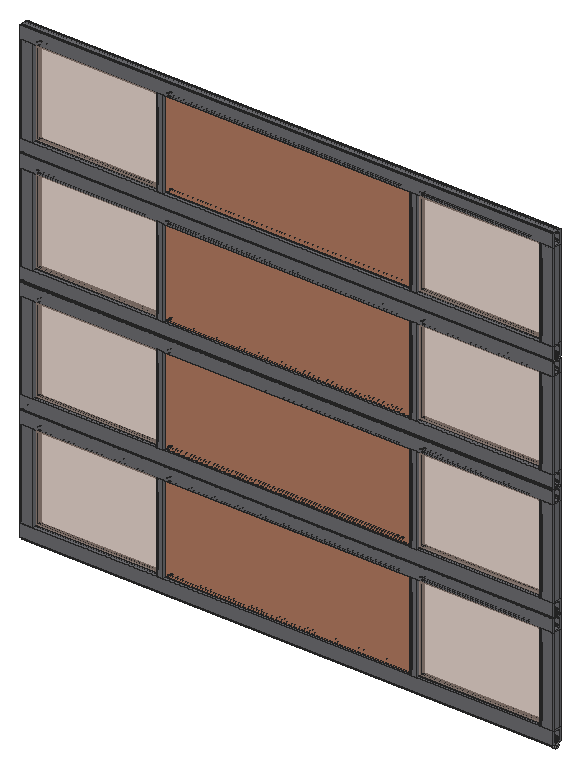
Revit family "GASY 12PUE T3C", category Doors, host Wall, Revit 2024 (continued)
Forms (mm)
  Sweep 20, solid, material "ALUMINIUM CHAR (TEST)"
    profile origin (899.996, -68.525, 493) x (0, 0, -1) y (0, -1, 0)
      loop
        arc (1.1, 57.492) -> (0.953, 57.846) -> (0.6, 57.992) r 0.5
        line (0.6, 57.992) -> (-1.9, 57.992)
        arc (-1.9, 57.992) -> (-2.295, 57.799) -> (-2.384, 57.368) r 0.5
        arc (-2.384, 57.368) -> (-2.167, 56.551) -> (-1.4, 56.192) r 1
        line (-1.4, 56.192) -> (-0.833, 56.892) -> (0, 56.892) -> (0, 54.893)
        arc (0, 54.893) -> (0.333, 54.559) -> (0.788, 54.681) r 0.471
        line (0.788, 54.681) -> (14.998, 68.891)
  Sweep 21, solid, material "ALUMINIUM CHAR (TEST)"
    path origin (-866.885, -68.525, 132.939) x (-1, 0, 0) y (0, 0, -1)
      loop
        line (323.108, -360.061) -> (323.108, 53.031) -> (-256.885, 53.031) -> (-256.885, -360.061) -> (323.108, -360.061)
    profile origin (-899.996, -68.525, 493) x (0, 0, 1) y (0, -1, 0)
      loop
        line (-14.998, 68.891) -> (-0.788, 54.681)
        arc (-0.788, 54.681) -> (-0.333, 54.559) -> (0, 54.893) r 0.471
        line (0, 54.893) -> (0, 56.892) -> (0.833, 56.892) -> (1.4, 56.192)
        arc (1.4, 56.192) -> (2.167, 56.551) -> (2.384, 57.368) r 1
        arc (2.384, 57.368) -> (2.295, 57.799) -> (1.9, 57.992) r 0.5
        line (1.9, 57.992) -> (-0.6, 57.992)
        arc (-0.6, 57.992) -> (-0.953, 57.846) -> (-1.1, 57.492) r 0.5
        line (-1.1, 57.492) -> (-1.1, 56.548) -> (-9.421, 64.869) -> (-6.899, 67.391) -> (-6.899, 68.791) -> (1.6, 68.791)
        arc (1.6, 68.791) -> (2.165, 69.025) -> (2.4, 69.591) r 0.8
        line (2.4, 69.591) -> (2.4, 72.391)
        arc (2.4, 72.391) -> (1.9, 72.891) -> (1.4, 72.391) r 0.5
        line (1.4, 72.391) -> (1.4, 69.891) -> (-8.299, 69.891)
        arc (-8.299, 69.891) -> (-8.699, 69.491) -> (-8.299, 69.091) r 0.4
        line (-8.299, 69.091) -> (-7.999, 67.847) -> (-10.199, 65.647) -> (-12.521, 67.969) -> (-11.399, 69.091)
        arc (-11.399, 69.091) -> (-10.902, 69.429) -> (-11.286, 69.891) r 0.406
        line (-11.286, 69.891) -> (-12.154, 69.891) -> (-12.991, 69.054) -> (-13.799, 69.054) -> (-13.799, 69.891) -> (-14.998, 69.891) -> (-14.998, 68.891)
  Sweep 22, solid, material "ALUMINIUM CHAR (TEST)"
    path origin (63.499, -68.525, 132.939) x (1, 0, 0) y (0, 0, 1)
      loop
        line (516.501, 360.061) -> (-643.499, 360.061) -> (-643.499, -52.939) -> (516.501, -52.939) -> (516.501, 360.061)
    profile origin (0, -68.525, 493) x (0, 0, -1) y (0, -1, 0)
      loop
        line (14.998, 68.891) -> (14.998, 69.891) -> (13.799, 69.891) -> (13.799, 69.054) -> (12.991, 69.054) -> (12.154, 69.891) -> (11.286, 69.891)
        arc (11.286, 69.891) -> (10.902, 69.429) -> (11.399, 69.091) r 0.406
        line (11.399, 69.091) -> (12.521, 67.969) -> (10.199, 65.647) -> (7.999, 67.847) -> (8.299, 69.091)
        arc (8.299, 69.091) -> (8.699, 69.491) -> (8.299, 69.891) r 0.4
        line (8.299, 69.891) -> (-1.4, 69.891) -> (-1.4, 72.391)
        arc (-1.4, 72.391) -> (-1.9, 72.891) -> (-2.4, 72.391) r 0.5
        line (-2.4, 72.391) -> (-2.4, 69.591)
        arc (-2.4, 69.591) -> (-2.165, 69.025) -> (-1.6, 68.791) r 0.8
        line (-1.6, 68.791) -> (6.899, 68.791) -> (6.899, 67.391) -> (9.421, 64.869) -> (1.1, 56.548) -> (1.1, 57.492)
        arc (1.1, 57.492) -> (0.953, 57.846) -> (0.6, 57.992) r 0.5
        line (0.6, 57.992) -> (-1.9, 57.992)
        arc (-1.9, 57.992) -> (-2.295, 57.799) -> (-2.384, 57.368) r 0.5
        arc (-2.384, 57.368) -> (-2.167, 56.551) -> (-1.4, 56.192) r 1
        line (-1.4, 56.192) -> (-0.833, 56.892) -> (0, 56.892) -> (0, 54.893)
        arc (0, 54.893) -> (0.333, 54.559) -> (0.788, 54.681) r 0.471
        line (0.788, 54.681) -> (14.998, 68.891)
  Extrusion 23, solid, material "FROSTED BRONZE GLASS"
    sketch origin (467.893, -147.287, 107.454) x (0, 1, 0) y (0, 0, -1)
      loop
        line (8.871, -2002.546) -> (8.871, -1589.546) -> (2.871, -1589.546) -> (2.871, -2002.546) -> (8.871, -2002.546)
    from 1077.893 to 1657.893
  Extrusion 24, solid, material "MARINE PLY (TEST 2)"
    sketch origin (-335.5, -147.287, -431.553) x (0, 1, 0) y (0, 0, -1)
      loop
        line (8.871, -2002.546) -> (8.871, -1935.046) -> (4.871, -1935.046) -> (4.871, -1927.046) -> (8.871, -1927.046) -> (8.871, -1881.046) -> (4.871, -1881.046) -> (4.871, -1873.046) -> (8.871, -1873.046) -> (8.871, -1827.046) -> (4.871, -1827.046) -> (4.871, -1819.046) -> (8.871, -1819.046) -> (8.871, -1773.046) -> (4.871, -1773.046) -> (4.871, -1765.046) -> (8.871, -1765.046) -> (8.871, -1719.046) -> (4.871, -1719.046) -> (4.871, -1711.046) -> (8.871, -1711.046) -> (8.871, -1665.046) -> (4.871, -1665.046) -> (4.871, -1657.046) -> (8.871, -1657.046) -> (8.871, -1589.546) -> (-0.129, -1589.546) -> (-0.129, -2002.546) -> (8.871, -2002.546)
    from -915.5 to 244.5
  Extrusion 25, solid, material "FROSTED BRONZE GLASS"
    sketch origin (-467.893, -147.287, -431.553) x (0, 1, 0) y (0, 0, 1)
      loop
        line (8.871, 2002.546) -> (2.871, 2002.546) -> (2.871, 1589.546) -> (8.871, 1589.546) -> (8.871, 2002.546)
    from 1077.893 to 1657.893
  Extrusion 26, solid, material "FROSTED BRONZE GLASS"
    sketch origin (467.893, -147.287, -431.553) x (0, 1, 0) y (0, 0, -1)
      loop
        line (8.871, -2002.546) -> (8.871, -1589.546) -> (2.871, -1589.546) -> (2.871, -2002.546) -> (8.871, -2002.546)
    from 1077.893 to 1657.893
  Extrusion 27, solid, material "MARINE PLY (TEST 2)"
    sketch origin (-335.5, -147.287, -970.553) x (0, 1, 0) y (0, 0, -1)
      loop
        line (8.871, -2002.546) -> (8.871, -1935.046) -> (4.871, -1935.046) -> (4.871, -1927.046) -> (8.871, -1927.046) -> (8.871, -1881.046) -> (4.871, -1881.046) -> (4.871, -1873.046) -> (8.871, -1873.046) -> (8.871, -1827.046) -> (4.871, -1827.046) -> (4.871, -1819.046) -> (8.871, -1819.046) -> (8.871, -1773.046) -> (4.871, -1773.046) -> (4.871, -1765.046) -> (8.871, -1765.046) -> (8.871, -1719.046) -> (4.871, -1719.046) -> (4.871, -1711.046) -> (8.871, -1711.046) -> (8.871, -1665.046) -> (4.871, -1665.046) -> (4.871, -1657.046) -> (8.871, -1657.046) -> (8.871, -1589.546) -> (-0.129, -1589.546) -> (-0.129, -2002.546) -> (8.871, -2002.546)
    from -915.5 to 244.5
  Extrusion 28, solid, material "FROSTED BRONZE GLASS"
    sketch origin (-467.893, -147.287, -970.553) x (0, 1, 0) y (0, 0, 1)
      loop
        line (8.871, 2002.546) -> (2.871, 2002.546) -> (2.871, 1589.546) -> (8.871, 1589.546) -> (8.871, 2002.546)
    from 1077.893 to 1657.893
  Extrusion 29, solid, material "FROSTED BRONZE GLASS"
    sketch origin (467.893, -147.287, -970.553) x (0, 1, 0) y (0, 0, -1)
      loop
        line (8.871, -2002.546) -> (8.871, -1589.546) -> (2.871, -1589.546) -> (2.871, -2002.546) -> (8.871, -2002.546)
    from 1077.893 to 1657.893
  Extrusion 30, solid, material "MARINE PLY (TEST 2)"
    sketch origin (-335.5, -147.287, -1509.553) x (0, 1, 0) y (0, 0, -1)
      loop
        line (8.871, -2002.546) -> (8.871, -1935.046) -> (4.871, -1935.046) -> (4.871, -1927.046) -> (8.871, -1927.046) -> (8.871, -1881.046) -> (4.871, -1881.046) -> (4.871, -1873.046) -> (8.871, -1873.046) -> (8.871, -1827.046) -> (4.871, -1827.046) -> (4.871, -1819.046) -> (8.871, -1819.046) -> (8.871, -1773.046) -> (4.871, -1773.046) -> (4.871, -1765.046) -> (8.871, -1765.046) -> (8.871, -1719.046) -> (4.871, -1719.046) -> (4.871, -1711.046) -> (8.871, -1711.046) -> (8.871, -1665.046) -> (4.871, -1665.046) -> (4.871, -1657.046) -> (8.871, -1657.046) -> (8.871, -1589.546) -> (-0.129, -1589.546) -> (-0.129, -2002.546) -> (8.871, -2002.546)
    from -915.5 to 244.5
  Extrusion 31, solid, material "FROSTED BRONZE GLASS"
    sketch origin (-467.893, -147.287, -1509.553) x (0, 1, 0) y (0, 0, 1)
      loop
        line (8.871, 2002.546) -> (2.871, 2002.546) -> (2.871, 1589.546) -> (8.871, 1589.546) -> (8.871, 2002.546)
    from 1077.893 to 1657.893
  Extrusion 32, solid, material "FROSTED BRONZE GLASS"
    sketch origin (467.893, -147.287, -1509.553) x (0, 1, 0) y (0, 0, -1)
      loop
        line (8.871, -2002.546) -> (8.871, -1589.546) -> (2.871, -1589.546) -> (2.871, -2002.546) -> (8.871, -2002.546)
    from 1077.893 to 1657.893
Lines and regions (mm)
  Opening 1
    outline origin (-5000, 75, 0) x (-1, 0, 0) y (0, 0, 1)
      loop
        line (-3780, 0) -> (-3780, 2135) -> (-6220, 2135) -> (-6220, 0) -> (-3780, 0)
  symbolic lines, style "Elevation Swing"
    curve 1: line (-1250, -105, 1694) -> (-1250, -2275, 1694)
    curve 2: line (-1250, -2275, 1694) -> (1250, -2275, 1694)
    curve 3: line (1250, -2275, 1694) -> (1250, -105, 1694)
Text (mm)
  text "Exterior" at (-2295.016, 1099.543, 0), in view "Ref. Level"
  text "Exterior" at (0, 1615.38, 3698.081), in view "Left"
  text "Exterior" at (0, 1036.032, 3874.932), in view "Right"
Dimensions and locks
  equal spacing: plane 3 "Left", plane 2 "Center (Left/Right)", plane 4 "Right"
  "Width": plane 3 "Left" to plane 4 "Right"
  "Height": plane 5 to host wall
  locked: plane 6 "Exterior" to host wall
  locked: plane 7 "Interior" to host wall
  "Wall Opening": plane 3 "Left" to plane 4 "Right"
  plane 10 "Garage Right" to plane 9 "Garage Left" = 2500 mm
  level to plane 11 "Garage Top" = 2170 mm
  plane 11 "Garage Top" to level = 2170 mm
  aligned and locked: host wall to plane 1
  aligned and locked: Opening 1 sketch curve to level
Automatic sketch dimensions
  curve 1 to plane 10 "Garage Right" = 0 mm
  curve 3 to plane 9 "Garage Left" = 0 mm
  curve 1 to plane 12 = 2160 mm
  plane 12 to curve 3 = 10 mm
  plane 12 to curve 1 = 10 mm
  plane 4 "Right" to Opening 1 sketch curve = 0 mm
  plane 3 "Left" to Opening 1 sketch curve = 0 mm
  Opening 1 sketch curve to plane 5 = 0 mm
  plane 11 "Garage Top" to Extrusion 1 sketch curve = 0 mm  (x3)
  Extrusion 1 sketch curve to plane 12 = 0.1 mm  (x2)
  Extrusion 1 sketch curve to plane 12 = 1.85 mm  (x6)
  Extrusion 1 sketch curve to Extrusion 1 sketch curve = 0.05 mm  (x2)
  Extrusion 1 sketch curve to Extrusion 1 sketch curve = 0.55 mm  (x10)
  Extrusion 1 sketch curve to Extrusion 1 sketch curve = 2.1 mm  (x4)
  Extrusion 1 sketch curve to Extrusion 1 sketch curve = 4.95 mm  (x2)
  plane 11 "Garage Top" to Extrusion 1 sketch curve = 1.8 mm  (x4)
  Extrusion 1 sketch curve to Extrusion 1 sketch curve = 4 mm  (x4)
  Extrusion 1 sketch curve to Extrusion 1 sketch curve = 1.8 mm  (x15)
  Extrusion 1 sketch curve to Extrusion 1 sketch curve = 2 mm  (x9)
  Extrusion 1 sketch curve to Extrusion 1 sketch curve = 1.5 mm  (x2)
  Extrusion 1 sketch curve to Extrusion 1 sketch curve = 14 mm  (x2)
  Extrusion 1 sketch curve to Extrusion 1 sketch curve = 2.75 mm  (x2)
  Extrusion 1 sketch curve to Extrusion 1 sketch curve = 20.6 mm  (x2)
  Extrusion 1 sketch curve to Extrusion 1 sketch curve = 1.6 mm  (x6)
  plane 11 "Garage Top" to Extrusion 1 sketch curve = 13.5 mm
  plane 5 to Extrusion 1 sketch curve = 11.7 mm
  Extrusion 1 sketch curve to Extrusion 1 sketch curve = 13.15 mm  (x2)
  plane 11 "Garage Top" to Extrusion 1 sketch curve = 12.547 mm
  plane 11 "Garage Top" to Extrusion 1 sketch curve = 17.453 mm
  Extrusion 1 sketch curve to Extrusion 1 sketch curve = 1.75 mm  (x2)
  Extrusion 1 sketch curve to Extrusion 1 sketch curve = 0 mm  (x4)
  Extrusion 1 sketch curve to Extrusion 1 sketch curve = 7.147 mm  (x3)
  Extrusion 1 sketch curve to Extrusion 1 sketch curve = 0.953 mm  (x15)
  Extrusion 1 sketch curve to Extrusion 1 sketch curve = 3 mm  (x6)
  Extrusion 1 sketch curve to Extrusion 1 sketch curve = 3.953 mm
  plane 5 to Extrusion 1 sketch curve = 7.747 mm
  Extrusion 1 sketch curve to Extrusion 1 sketch curve = 7.947 mm  (x2)
  Extrusion 1 sketch curve to Extrusion 1 sketch curve = 0.8 mm
  Extrusion 1 sketch curve to Extrusion 1 sketch curve = 2.6 mm
  Extrusion 1 sketch curve to Extrusion 1 sketch curve = 1.205 mm
  Extrusion 1 sketch curve to Extrusion 1 sketch curve = 1.293 mm  (x2)
  Extrusion 1 sketch curve to Extrusion 1 sketch curve = 0.241 mm  (x2)
  Extrusion 1 sketch curve to Extrusion 1 sketch curve = 0.402 mm  (x2)
  Extrusion 1 sketch curve to Extrusion 1 sketch curve = 0.993 mm  (x2)
  level to Extrusion 1 sketch curve = 79.909 mm
  Extrusion 1 sketch curve to Extrusion 1 sketch curve = 1.066 mm
  Extrusion 1 sketch curve to Extrusion 1 sketch curve = 0.405 mm
  Extrusion 1 sketch curve to Extrusion 1 sketch curve = 10.547 mm
  Extrusion 1 sketch curve to Extrusion 1 sketch curve = 25.295 mm  (x2)
  Extrusion 2 sketch curve to plane 12 = 0.1 mm  (x6)
  Extrusion 2 sketch curve to plane 12 = 1.85 mm  (x18)
  Extrusion 2 sketch curve to Extrusion 2 sketch curve = 0.05 mm  (x7)
  Extrusion 2 sketch curve to plane 12 = 1.9 mm  (x3)
  Extrusion 2 sketch curve to Extrusion 2 sketch curve = 0.55 mm  (x26)
  Extrusion 2 sketch curve to Extrusion 2 sketch curve = 2.1 mm  (x12)
  Extrusion 2 sketch curve to Extrusion 2 sketch curve = 4.95 mm  (x6)
  Extrusion 2 sketch curve to Extrusion 2 sketch curve = 4 mm  (x12)
  Extrusion 2 sketch curve to Extrusion 2 sketch curve = 1.8 mm  (x58)
  Extrusion 2 sketch curve to Extrusion 2 sketch curve = 2 mm  (x29)
  Extrusion 2 sketch curve to Extrusion 2 sketch curve = 1.5 mm  (x6)
  Extrusion 2 sketch curve to Extrusion 2 sketch curve = 14 mm  (x6)
  Extrusion 2 sketch curve to Extrusion 2 sketch curve = 2.75 mm  (x6)
  Extrusion 2 sketch curve to Extrusion 2 sketch curve = 20.6 mm  (x3)
  Extrusion 2 sketch curve to Extrusion 2 sketch curve = 0 mm  (x19)
  Extrusion 2 sketch curve to Extrusion 2 sketch curve = 13.15 mm  (x6)
  Extrusion 2 sketch curve to Extrusion 2 sketch curve = 9.4 mm  (x3)
  Extrusion 2 sketch curve to Extrusion 2 sketch curve = 1.6 mm  (x15)
  Extrusion 2 sketch curve to Extrusion 2 sketch curve = 1.75 mm
  plane 5 to Extrusion 2 sketch curve = 438 mm
  Extrusion 2 sketch curve to Extrusion 2 sketch curve = 0.993 mm  (x6)
  Extrusion 2 sketch curve to Extrusion 2 sketch curve = 1.066 mm  (x4)
  Extrusion 2 sketch curve to Extrusion 2 sketch curve = 0.241 mm  (x6)
  Extrusion 2 sketch curve to Extrusion 2 sketch curve = 0.402 mm  (x6)
  Extrusion 2 sketch curve to Extrusion 2 sketch curve = 0.493 mm  (x3)
  Extrusion 2 sketch curve to Extrusion 2 sketch curve = 1.205 mm  (x4)
  Extrusion 2 sketch curve to Extrusion 2 sketch curve = 7.947 mm  (x6)
  Extrusion 2 sketch curve to Extrusion 2 sketch curve = 10.547 mm  (x6)
  Extrusion 2 sketch curve to Extrusion 2 sketch curve = 0.953 mm  (x48)
  Extrusion 2 sketch curve to Extrusion 2 sketch curve = 3 mm  (x24)
  Extrusion 2 sketch curve to Extrusion 2 sketch curve = 25.295 mm  (x12)
  Extrusion 2 sketch curve to Extrusion 2 sketch curve = 7.147 mm  (x12)
  Extrusion 2 sketch curve to Extrusion 2 sketch curve = 6 mm  (x6)
  Extrusion 2 sketch curve to Extrusion 2 sketch curve = 0.8 mm  (x3)
  Extrusion 2 sketch curve to Extrusion 2 sketch curve = 1.293 mm  (x5)
  Extrusion 2 sketch curve to Extrusion 2 sketch curve = 413 mm  (x2)
  Extrusion 3 sketch curve to level = 0 mm
  Extrusion 3 sketch curve to plane 12 = 32.1 mm
  Extrusion 3 sketch curve to Extrusion 3 sketch curve = 5 mm  (x2)
  Extrusion 3 sketch curve to Extrusion 3 sketch curve = 2 mm  (x2)
  level to Extrusion 3 sketch curve = 2.881 mm
  Extrusion 3 sketch curve to Extrusion 3 sketch curve = 3 mm  (x2)
  Extrusion 3 sketch curve to Extrusion 3 sketch curve = 6 mm
  Extrusion 3 sketch curve to Extrusion 3 sketch curve = 11.123 mm
  Extrusion 3 sketch curve to Extrusion 3 sketch curve = 0 mm  (x4)
  Extrusion 3 sketch curve to Extrusion 3 sketch curve = 0.629 mm
  Extrusion 3 sketch curve to Extrusion 3 sketch curve = 2.276 mm
  Extrusion 3 sketch curve to Extrusion 3 sketch curve = 2.905 mm
  Extrusion 3 sketch curve to Extrusion 3 sketch curve = 1.368 mm
  Extrusion 3 sketch curve to Extrusion 3 sketch curve = 4.624 mm
  Extrusion 4 sketch curve to plane 12 = 41.25 mm  (x3)
  Extrusion 4 sketch curve to Extrusion 4 sketch curve = 0 mm  (x27)
  Extrusion 4 sketch curve to Extrusion 4 sketch curve = 2.5 mm  (x24)
  Extrusion 4 sketch curve to Extrusion 4 sketch curve = 1 mm  (x24)
  Extrusion 4 sketch curve to plane 12 = 8.95 mm  (x6)
  level to Extrusion 4 sketch curve = 549.846 mm
  Extrusion 4 sketch curve to Extrusion 4 sketch curve = 2.027 mm  (x15)
  Extrusion 4 sketch curve to Extrusion 4 sketch curve = 6.253 mm  (x6)
  Extrusion 4 sketch curve to Extrusion 4 sketch curve = 526.693 mm
  plane 5 to Extrusion 4 sketch curve = 507.154 mm
  Extrusion 4 sketch curve to Extrusion 4 sketch curve = 2.489 mm  (x12)
  Extrusion 4 sketch curve to Extrusion 4 sketch curve = 1.503 mm  (x12)
  Extrusion 5 sketch curve to plane 10 "Garage Right" = 0 mm  (x3)
  Extrusion 5 sketch curve to plane 9 "Garage Left" = 0 mm  (x3)
  plane 10 "Garage Right" to Extrusion 5 sketch curve = 1.8 mm  (x4)
  Extrusion 5 sketch curve to Extrusion 5 sketch curve = 0 mm  (x5)
  Extrusion 5 sketch curve to Extrusion 5 sketch curve = 2 mm  (x6)
  Extrusion 5 sketch curve to Extrusion 5 sketch curve = 1.6 mm  (x4)
  Extrusion 5 sketch curve to plane 12 = 1.85 mm  (x8)
  Extrusion 5 sketch curve to Extrusion 5 sketch curve = 7.147 mm  (x2)
  Extrusion 5 sketch curve to plane 12 = 2.4 mm  (x2)
  Extrusion 5 sketch curve to Extrusion 5 sketch curve = 0.953 mm  (x16)
  Extrusion 5 sketch curve to Extrusion 5 sketch curve = 3 mm  (x8)
  Extrusion 5 sketch curve to plane 3 "Left" = 12.747 mm  (x2)
  Extrusion 5 sketch curve to Extrusion 5 sketch curve = 7.947 mm  (x2)
  Extrusion 5 sketch curve to Extrusion 5 sketch curve = 1.8 mm  (x30)
  Extrusion 5 sketch curve to Extrusion 5 sketch curve = 10.547 mm  (x2)
  Extrusion 5 sketch curve to Extrusion 5 sketch curve = 0.8 mm  (x2)
  Extrusion 5 sketch curve to plane 12 = 8.6 mm  (x6)
  Extrusion 5 sketch curve to Extrusion 5 sketch curve = 1.205 mm  (x4)
  Extrusion 5 sketch curve to Extrusion 5 sketch curve = 1.293 mm  (x5)
  Extrusion 5 sketch curve to Extrusion 5 sketch curve = 0.241 mm  (x6)
  Extrusion 5 sketch curve to Extrusion 5 sketch curve = 0.402 mm  (x6)
  Extrusion 5 sketch curve to Extrusion 5 sketch curve = 0.993 mm  (x5)
  Extrusion 5 sketch curve to plane 12 = 24.1 mm  (x2)
  Extrusion 5 sketch curve to Extrusion 5 sketch curve = 580 mm
  Extrusion 5 sketch curve to Extrusion 5 sketch curve = 1.066 mm  (x4)
  Extrusion 5 sketch curve to Extrusion 5 sketch curve = 21.2 mm  (x2)
  Extrusion 5 sketch curve to Extrusion 5 sketch curve = 2.6 mm  (x3)
  Extrusion 5 sketch curve to plane 12 = 10.1 mm  (x2)
  plane 2 "Center (Left/Right)" to Extrusion 5 sketch curve = 580 mm
  Extrusion 5 sketch curve to Extrusion 5 sketch curve = 0.493 mm
  Extrusion 5 sketch curve to plane 12 = 26.85 mm
  Extrusion 5 sketch curve to plane 12 = 0.1 mm  (x4)
  plane 4 "Right" to Extrusion 5 sketch curve = 30 mm
  Extrusion 5 sketch curve to plane 4 "Right" = 12.547 mm  (x2)
  plane 9 "Garage Left" to Extrusion 5 sketch curve = 5.4 mm  (x2)
  plane 9 "Garage Left" to Extrusion 5 sketch curve = 1.8 mm  (x4)
  Extrusion 5 sketch curve to Extrusion 5 sketch curve = 18.25 mm
  Extrusion 5 sketch curve to Extrusion 5 sketch curve = 20.05 mm
  Extrusion 5 sketch curve to Extrusion 5 sketch curve = 18.55 mm  (x2)
  Extrusion 5 sketch curve to Extrusion 5 sketch curve = 4.55 mm
  Extrusion 5 sketch curve to Extrusion 5 sketch curve = 30.55 mm  (x2)
  Extrusion 5 sketch curve to Extrusion 5 sketch curve = 4 mm  (x4)
  Extrusion 5 sketch curve to Extrusion 5 sketch curve = 13.15 mm  (x2)
  Extrusion 5 sketch curve to Extrusion 5 sketch curve = 9.4 mm  (x2)
  Extrusion 5 sketch curve to Extrusion 5 sketch curve = 2.1 mm  (x2)
  Extrusion 5 sketch curve to Extrusion 5 sketch curve = 0.55 mm  (x7)
  Extrusion 5 sketch curve to Extrusion 5 sketch curve = 0.05 mm
  Extrusion 5 sketch curve to Extrusion 5 sketch curve = 13.7 mm  (x2)
  Extrusion 5 sketch curve to Extrusion 5 sketch curve = 1.75 mm  (x4)
  Extrusion 5 sketch curve to Extrusion 5 sketch curve = 2.75 mm  (x4)
  Extrusion 5 sketch curve to Extrusion 5 sketch curve = 9.95 mm  (x2)
  Extrusion 5 sketch curve to Extrusion 5 sketch curve = 1.5 mm  (x4)
  Extrusion 5 sketch curve to plane 12 = 1.9 mm  (x2)
  Extrusion 6 sketch curve to plane 10 "Garage Right" = 0 mm  (x3)
  Extrusion 6 sketch curve to plane 9 "Garage Left" = 0 mm  (x3)
  plane 10 "Garage Right" to Extrusion 6 sketch curve = 1.8 mm  (x2)
  Extrusion 6 sketch curve to Extrusion 6 sketch curve = 1.8 mm  (x31)
  Extrusion 6 sketch curve to Extrusion 6 sketch curve = 0 mm  (x5)
  Extrusion 6 sketch curve to Extrusion 6 sketch curve = 2 mm  (x6)
  Extrusion 6 sketch curve to Extrusion 6 sketch curve = 1.6 mm  (x4)
  Extrusion 6 sketch curve to plane 12 = 1.85 mm  (x8)
  Extrusion 6 sketch curve to Extrusion 6 sketch curve = 7.147 mm  (x2)
  Extrusion 6 sketch curve to plane 12 = 2.4 mm  (x3)
  Extrusion 6 sketch curve to Extrusion 6 sketch curve = 0.953 mm  (x16)
  Extrusion 6 sketch curve to Extrusion 6 sketch curve = 3 mm  (x8)
  Extrusion 6 sketch curve to plane 3 "Left" = 12.747 mm  (x2)
  Extrusion 6 sketch curve to Extrusion 6 sketch curve = 7.947 mm  (x2)
  Extrusion 6 sketch curve to Extrusion 6 sketch curve = 10.547 mm  (x2)
  Extrusion 6 sketch curve to Extrusion 6 sketch curve = 0.8 mm  (x3)
  Extrusion 6 sketch curve to plane 12 = 8.6 mm  (x5)
  Extrusion 6 sketch curve to Extrusion 6 sketch curve = 1.205 mm  (x5)
  Extrusion 6 sketch curve to Extrusion 6 sketch curve = 1.293 mm  (x4)
  Extrusion 6 sketch curve to Extrusion 6 sketch curve = 0.241 mm  (x6)
  Extrusion 6 sketch curve to Extrusion 6 sketch curve = 0.402 mm  (x6)
  Extrusion 6 sketch curve to Extrusion 6 sketch curve = 0.993 mm  (x5)
  Extrusion 6 sketch curve to plane 12 = 24.1 mm  (x4)
  Extrusion 6 sketch curve to Extrusion 6 sketch curve = 580 mm
  Extrusion 6 sketch curve to plane 12 = 0.1 mm  (x4)
  Extrusion 6 sketch curve to Extrusion 6 sketch curve = 1.066 mm  (x3)
  Extrusion 6 sketch curve to plane 12 = 26.85 mm  (x2)
  Extrusion 6 sketch curve to plane 12 = 6.8 mm
  Extrusion 6 sketch curve to Extrusion 6 sketch curve = 21.2 mm  (x2)
  Extrusion 6 sketch curve to Extrusion 6 sketch curve = 2.6 mm  (x2)
  Extrusion 6 sketch curve to plane 12 = 10.1 mm  (x3)
  plane 2 "Center (Left/Right)" to Extrusion 6 sketch curve = 580 mm
  Extrusion 6 sketch curve to Extrusion 6 sketch curve = 0.405 mm
  Extrusion 6 sketch curve to Extrusion 6 sketch curve = 0.493 mm  (x2)
  plane 4 "Right" to Extrusion 6 sketch curve = 30 mm
  Extrusion 6 sketch curve to plane 4 "Right" = 12.547 mm  (x2)
  plane 9 "Garage Left" to Extrusion 6 sketch curve = 5.4 mm  (x2)
  plane 9 "Garage Left" to Extrusion 6 sketch curve = 1.8 mm  (x4)
  Extrusion 6 sketch curve to Extrusion 6 sketch curve = 16.75 mm
  Extrusion 6 sketch curve to Extrusion 6 sketch curve = 20.05 mm
  Extrusion 6 sketch curve to Extrusion 6 sketch curve = 4.55 mm  (x2)
  Extrusion 6 sketch curve to Extrusion 6 sketch curve = 30.55 mm  (x2)
  Extrusion 6 sketch curve to Extrusion 6 sketch curve = 4 mm  (x4)
  Extrusion 6 sketch curve to Extrusion 6 sketch curve = 13.15 mm  (x2)
  Extrusion 6 sketch curve to Extrusion 6 sketch curve = 9.4 mm  (x2)
  Extrusion 6 sketch curve to Extrusion 6 sketch curve = 2.1 mm  (x2)
  Extrusion 6 sketch curve to Extrusion 6 sketch curve = 0.55 mm  (x6)
  Extrusion 6 sketch curve to Extrusion 6 sketch curve = 0.05 mm
  Extrusion 6 sketch curve to Extrusion 6 sketch curve = 13.7 mm  (x2)
  Extrusion 6 sketch curve to Extrusion 6 sketch curve = 1.75 mm  (x4)
  Extrusion 6 sketch curve to Extrusion 6 sketch curve = 2.75 mm  (x2)
  Extrusion 6 sketch curve to Extrusion 6 sketch curve = 9.95 mm  (x2)
  Extrusion 6 sketch curve to Extrusion 6 sketch curve = 1.5 mm  (x3)
  Extrusion 6 sketch curve to plane 12 = 1.9 mm  (x2)
  Extrusion 7 sketch curve to plane 10 "Garage Right" = 0 mm  (x3)
  Extrusion 7 sketch curve to plane 9 "Garage Left" = 0 mm  (x3)
  Extrusion 7 sketch curve to Extrusion 7 sketch curve = 1.8 mm  (x31)
  Extrusion 7 sketch curve to Extrusion 7 sketch curve = 0 mm  (x5)
  plane 10 "Garage Right" to Extrusion 7 sketch curve = 1.8 mm  (x2)
  Extrusion 7 sketch curve to Extrusion 7 sketch curve = 2 mm  (x6)
  Extrusion 7 sketch curve to Extrusion 7 sketch curve = 1.6 mm  (x4)
  Extrusion 7 sketch curve to Extrusion 7 sketch curve = 7.147 mm  (x2)
  Extrusion 7 sketch curve to plane 12 = 1.85 mm  (x7)
  Extrusion 7 sketch curve to Extrusion 7 sketch curve = 0.953 mm  (x16)
  Extrusion 7 sketch curve to plane 12 = 2.4 mm  (x3)
  Extrusion 7 sketch curve to Extrusion 7 sketch curve = 3 mm  (x8)
  Extrusion 7 sketch curve to plane 3 "Left" = 12.747 mm  (x2)
  Extrusion 7 sketch curve to Extrusion 7 sketch curve = 7.947 mm  (x2)
  Extrusion 7 sketch curve to Extrusion 7 sketch curve = 0.8 mm  (x3)
  Extrusion 7 sketch curve to Extrusion 7 sketch curve = 1.205 mm  (x6)
  Extrusion 7 sketch curve to Extrusion 7 sketch curve = 1.293 mm  (x3)
  Extrusion 7 sketch curve to Extrusion 7 sketch curve = 0.241 mm  (x6)
  Extrusion 7 sketch curve to Extrusion 7 sketch curve = 0.402 mm  (x6)
  Extrusion 7 sketch curve to plane 12 = 0.1 mm  (x4)
  Extrusion 7 sketch curve to plane 12 = 24.1 mm  (x2)
  Extrusion 7 sketch curve to Extrusion 7 sketch curve = 580 mm
  Extrusion 7 sketch curve to Extrusion 7 sketch curve = 0.993 mm  (x3)
  Extrusion 7 sketch curve to Extrusion 7 sketch curve = 1.066 mm  (x5)
  Extrusion 7 sketch curve to Extrusion 7 sketch curve = 0.405 mm  (x2)
  Extrusion 7 sketch curve to Extrusion 7 sketch curve = 21.2 mm  (x2)
  Extrusion 7 sketch curve to Extrusion 7 sketch curve = 2.6 mm  (x3)
  Extrusion 7 sketch curve to plane 12 = 8.6 mm
  Extrusion 7 sketch curve to plane 12 = 10.1 mm  (x3)
  plane 2 "Center (Left/Right)" to Extrusion 7 sketch curve = 580 mm
  Extrusion 7 sketch curve to plane 12 = 6.8 mm
  Extrusion 7 sketch curve to plane 12 = 26.85 mm
  plane 4 "Right" to Extrusion 7 sketch curve = 30 mm  (x2)
  Extrusion 7 sketch curve to Extrusion 7 sketch curve = 0.493 mm
  Extrusion 7 sketch curve to Extrusion 7 sketch curve = 10.547 mm
  Extrusion 7 sketch curve to plane 4 "Right" = 12.547 mm  (x2)
  plane 9 "Garage Left" to Extrusion 7 sketch curve = 5.4 mm  (x2)
  plane 9 "Garage Left" to Extrusion 7 sketch curve = 1.8 mm  (x3)
  Extrusion 7 sketch curve to Extrusion 7 sketch curve = 24.45 mm
  Extrusion 7 sketch curve to Extrusion 7 sketch curve = 2.75 mm  (x5)
  Extrusion 7 sketch curve to Extrusion 7 sketch curve = 16.75 mm  (x2)
  Extrusion 7 sketch curve to Extrusion 7 sketch curve = 4.55 mm
  Extrusion 7 sketch curve to Extrusion 7 sketch curve = 30.55 mm  (x2)
  Extrusion 7 sketch curve to Extrusion 7 sketch curve = 4 mm  (x4)
  Extrusion 7 sketch curve to Extrusion 7 sketch curve = 13.15 mm  (x2)
  Extrusion 7 sketch curve to Extrusion 7 sketch curve = 9.4 mm  (x2)
  Extrusion 7 sketch curve to Extrusion 7 sketch curve = 2.1 mm  (x2)
  Extrusion 7 sketch curve to Extrusion 7 sketch curve = 0.55 mm  (x7)
  Extrusion 7 sketch curve to Extrusion 7 sketch curve = 0.05 mm
  Extrusion 7 sketch curve to Extrusion 7 sketch curve = 13.7 mm  (x2)
  Extrusion 7 sketch curve to Extrusion 7 sketch curve = 1.75 mm  (x4)
  Extrusion 7 sketch curve to Extrusion 7 sketch curve = 9.95 mm  (x2)
  Extrusion 7 sketch curve to Extrusion 7 sketch curve = 3.3 mm
  Extrusion 7 sketch curve to Extrusion 7 sketch curve = 10 mm  (x2)
  Extrusion 7 sketch curve to Extrusion 7 sketch curve = 1.5 mm  (x4)
  Extrusion 7 sketch curve to plane 12 = 1.9 mm  (x2)
  Extrusion 8 sketch curve to plane 10 "Garage Right" = 0 mm  (x3)
  Extrusion 8 sketch curve to plane 9 "Garage Left" = 0 mm  (x3)
  plane 10 "Garage Right" to Extrusion 8 sketch curve = 1.8 mm  (x4)
  Extrusion 8 sketch curve to Extrusion 8 sketch curve = 0 mm  (x5)
  Extrusion 8 sketch curve to Extrusion 8 sketch curve = 2 mm  (x6)
  Extrusion 8 sketch curve to Extrusion 8 sketch curve = 1.6 mm  (x4)
  Extrusion 8 sketch curve to plane 12 = 1.85 mm  (x8)
  Extrusion 8 sketch curve to Extrusion 8 sketch curve = 7.147 mm  (x2)
  Extrusion 8 sketch curve to plane 12 = 2.4 mm  (x3)
  Extrusion 8 sketch curve to Extrusion 8 sketch curve = 0.953 mm  (x16)
  Extrusion 8 sketch curve to Extrusion 8 sketch curve = 3 mm  (x8)
  Extrusion 8 sketch curve to plane 3 "Left" = 12.747 mm  (x2)
  Extrusion 8 sketch curve to Extrusion 8 sketch curve = 7.947 mm  (x2)
  Extrusion 8 sketch curve to Extrusion 8 sketch curve = 1.8 mm  (x29)
  Extrusion 8 sketch curve to Extrusion 8 sketch curve = 10.547 mm  (x2)
  Extrusion 8 sketch curve to Extrusion 8 sketch curve = 0.8 mm  (x3)
  Extrusion 8 sketch curve to plane 12 = 8.6 mm  (x5)
  Extrusion 8 sketch curve to Extrusion 8 sketch curve = 1.205 mm  (x5)
  Extrusion 8 sketch curve to Extrusion 8 sketch curve = 1.293 mm  (x4)
  Extrusion 8 sketch curve to Extrusion 8 sketch curve = 0.241 mm  (x6)
  Extrusion 8 sketch curve to Extrusion 8 sketch curve = 0.402 mm  (x6)
  Extrusion 8 sketch curve to Extrusion 8 sketch curve = 0.993 mm  (x5)
  Extrusion 8 sketch curve to plane 12 = 24.1 mm  (x4)
  Extrusion 8 sketch curve to Extrusion 8 sketch curve = 580 mm
  Extrusion 8 sketch curve to plane 12 = 0.1 mm  (x4)
  Extrusion 8 sketch curve to Extrusion 8 sketch curve = 1.066 mm  (x3)
  Extrusion 8 sketch curve to plane 12 = 26.85 mm  (x2)
  Extrusion 8 sketch curve to plane 12 = 6.8 mm
  Extrusion 8 sketch curve to Extrusion 8 sketch curve = 21.2 mm  (x2)
  Extrusion 8 sketch curve to Extrusion 8 sketch curve = 2.6 mm  (x2)
  Extrusion 8 sketch curve to plane 12 = 10.1 mm  (x3)
  plane 2 "Center (Left/Right)" to Extrusion 8 sketch curve = 580 mm
  Extrusion 8 sketch curve to Extrusion 8 sketch curve = 0.405 mm
  Extrusion 8 sketch curve to Extrusion 8 sketch curve = 0.493 mm  (x2)
  plane 4 "Right" to Extrusion 8 sketch curve = 30 mm
  Extrusion 8 sketch curve to plane 4 "Right" = 12.547 mm  (x2)
  plane 9 "Garage Left" to Extrusion 8 sketch curve = 5.4 mm  (x2)
  plane 9 "Garage Left" to Extrusion 8 sketch curve = 1.8 mm  (x4)
  Extrusion 8 sketch curve to Extrusion 8 sketch curve = 16.75 mm
  Extrusion 8 sketch curve to Extrusion 8 sketch curve = 20.05 mm
  Extrusion 8 sketch curve to Extrusion 8 sketch curve = 4.55 mm  (x2)
  Extrusion 8 sketch curve to Extrusion 8 sketch curve = 30.55 mm  (x2)
  Extrusion 8 sketch curve to Extrusion 8 sketch curve = 4 mm  (x4)
  Extrusion 8 sketch curve to Extrusion 8 sketch curve = 13.15 mm  (x2)
  Extrusion 8 sketch curve to Extrusion 8 sketch curve = 9.4 mm  (x2)
  Extrusion 8 sketch curve to Extrusion 8 sketch curve = 2.1 mm  (x2)
  Extrusion 8 sketch curve to Extrusion 8 sketch curve = 0.55 mm  (x6)
  Extrusion 8 sketch curve to Extrusion 8 sketch curve = 0.05 mm
  Extrusion 8 sketch curve to Extrusion 8 sketch curve = 13.7 mm  (x2)
  Extrusion 8 sketch curve to Extrusion 8 sketch curve = 1.75 mm  (x4)
  Extrusion 8 sketch curve to Extrusion 8 sketch curve = 2.75 mm  (x2)
  Extrusion 8 sketch curve to Extrusion 8 sketch curve = 9.95 mm  (x2)
  Extrusion 8 sketch curve to Extrusion 8 sketch curve = 1.5 mm  (x3)
  Extrusion 8 sketch curve to plane 12 = 1.9 mm  (x2)
  Extrusion 9 sketch curve to plane 12 = 32.416 mm
  Extrusion 9 sketch curve to plane 12 = 27.416 mm  (x6)
  Extrusion 9 sketch curve to Extrusion 9 sketch curve = 9 mm  (x2)
  Extrusion 9 sketch curve to Extrusion 9 sketch curve = 4 mm  (x5)
  plane 5 to Extrusion 9 sketch curve = 25 mm
  Extrusion 9 sketch curve to Extrusion 9 sketch curve = 67.5 mm  (x2)
  Extrusion 9 sketch curve to Extrusion 9 sketch curve = 8 mm  (x6)
  Extrusion 9 sketch curve to Extrusion 9 sketch curve = 46 mm  (x5)
  plane 5 to Sweep 10 sketch curve = 25 mm
  plane 2 "Center (Left/Right)" to Sweep 10 sketch curve = 610 mm
  plane 4 "Right" to Sweep 10 sketch curve = 30.007 mm
  Sweep 10 sketch curve to Sweep 10 sketch curve = 413.091 mm
  Sweep 10 sketch curve to profile plane = 0 mm
  profile plane to Sweep 10 sketch curve = 0.833 mm
  profile plane to Sweep 10 sketch curve = 1.4 mm
  Sweep 10 sketch curve to Sweep 10 sketch curve = 0.567 mm
  Sweep 10 sketch curve to Sweep 10 sketch curve = 0.2 mm
  Sweep 10 sketch curve to Sweep 10 sketch curve = 0.5 mm  (x3)
  Sweep 10 sketch curve to profile plane = 0.455 mm
  Sweep 10 sketch curve to profile plane = 0.6 mm
  Sweep 10 sketch curve to Sweep 10 sketch curve = 0.333 mm
  Sweep 10 sketch curve to profile plane = 6.899 mm
  Sweep 10 sketch curve to Sweep 10 sketch curve = 1.1 mm
  Sweep 10 sketch curve to Sweep 10 sketch curve = 1.4 mm  (x2)
  Sweep 10 sketch curve to Sweep 10 sketch curve = 1.422 mm
  Sweep 10 sketch curve to Sweep 10 sketch curve = 0.778 mm  (x2)
  Sweep 10 sketch curve to Sweep 10 sketch curve = 2.987 mm
  Sweep 10 sketch curve to Sweep 10 sketch curve = 0.018 mm
  Sweep 10 sketch curve to Sweep 10 sketch curve = 0.095 mm
  Sweep 10 sketch curve to Sweep 10 sketch curve = 0.868 mm
  Sweep 10 sketch curve to Sweep 10 sketch curve = 1.122 mm  (x2)
  Sweep 10 sketch curve to Sweep 10 sketch curve = 0.47 mm
  Sweep 10 sketch curve to Sweep 10 sketch curve = 0.807 mm
  Sweep 10 sketch curve to Sweep 10 sketch curve = 1.2 mm
  profile plane to Sweep 10 sketch curve = 54.681 mm
  Sweep 10 sketch curve to Sweep 10 sketch curve = 0.212 mm
  Sweep 10 sketch curve to Sweep 10 sketch curve = 1.3 mm
  Sweep 10 sketch curve to Sweep 10 sketch curve = 1.535 mm
  Sweep 10 sketch curve to Sweep 10 sketch curve = 0.7 mm
  Sweep 10 sketch curve to Sweep 10 sketch curve = 0.3 mm  (x2)
  Sweep 10 sketch curve to Sweep 10 sketch curve = 0.6 mm
  Sweep 10 sketch curve to Sweep 10 sketch curve = 7.377 mm
  Sweep 10 sketch curve to Sweep 10 sketch curve = 0.456 mm
  Sweep 10 sketch curve to Sweep 10 sketch curve = 0.922 mm
  Sweep 10 sketch curve to Sweep 10 sketch curve = 0.163 mm
  Sweep 10 sketch curve to Sweep 10 sketch curve = 1.244 mm
  Sweep 10 sketch curve to Sweep 10 sketch curve = 0.394 mm
  Sweep 10 sketch curve to Sweep 10 sketch curve = 0.4 mm
  Sweep 10 sketch curve to Sweep 10 sketch curve = 0.837 mm
  Sweep 10 sketch curve to Sweep 10 sketch curve = 2.5 mm
  plane 5 to Sweep 11 sketch curve = 25 mm
  Sweep 11 sketch curve to plane 2 "Center (Left/Right)" = 610 mm
  Sweep 11 sketch curve to plane 3 "Left" = 30.007 mm
  Sweep 11 sketch curve to Sweep 11 sketch curve = 413.091 mm
  profile plane to Sweep 11 sketch curve = 0 mm
  profile plane to Sweep 11 sketch curve = 0.455 mm
  profile plane to Sweep 11 sketch curve = 0.6 mm
  Sweep 11 sketch curve to Sweep 11 sketch curve = 0.333 mm
  Sweep 11 sketch curve to Sweep 11 sketch curve = 0.5 mm  (x3)
  profile plane to Sweep 11 sketch curve = 6.899 mm
  Sweep 11 sketch curve to Sweep 11 sketch curve = 1.1 mm
  Sweep 11 sketch curve to Sweep 11 sketch curve = 0.3 mm  (x3)
  Sweep 11 sketch curve to Sweep 11 sketch curve = 1.422 mm
  Sweep 11 sketch curve to Sweep 11 sketch curve = 0.778 mm  (x2)
  Sweep 11 sketch curve to Sweep 11 sketch curve = 2.987 mm
  Sweep 11 sketch curve to Sweep 11 sketch curve = 0.018 mm
  Sweep 11 sketch curve to Sweep 11 sketch curve = 0.095 mm
  Sweep 11 sketch curve to Sweep 11 sketch curve = 0.868 mm
  Sweep 11 sketch curve to Sweep 11 sketch curve = 1.122 mm  (x2)
  Sweep 11 sketch curve to Sweep 11 sketch curve = 0.47 mm
  Sweep 11 sketch curve to Sweep 11 sketch curve = 0.807 mm
  Sweep 11 sketch curve to Sweep 11 sketch curve = 1.2 mm
  Sweep 11 sketch curve to profile plane = 0.833 mm
  Sweep 11 sketch curve to profile plane = 1.4 mm
  Sweep 11 sketch curve to Sweep 11 sketch curve = 0.567 mm
  Sweep 11 sketch curve to Sweep 11 sketch curve = 0.2 mm
  profile plane to Sweep 11 sketch curve = 54.681 mm
  Sweep 11 sketch curve to Sweep 11 sketch curve = 0.212 mm
  Sweep 11 sketch curve to Sweep 11 sketch curve = 1.3 mm
  Sweep 11 sketch curve to Sweep 11 sketch curve = 1.535 mm
  Sweep 11 sketch curve to Sweep 11 sketch curve = 0.7 mm
  Sweep 11 sketch curve to Sweep 11 sketch curve = 0.6 mm
  Sweep 11 sketch curve to Sweep 11 sketch curve = 7.377 mm
  Sweep 11 sketch curve to Sweep 11 sketch curve = 0.456 mm
  Sweep 11 sketch curve to Sweep 11 sketch curve = 1.4 mm
  Sweep 11 sketch curve to Sweep 11 sketch curve = 0.922 mm
  Sweep 11 sketch curve to Sweep 11 sketch curve = 0.163 mm
  Sweep 11 sketch curve to Sweep 11 sketch curve = 1.244 mm
  Sweep 11 sketch curve to Sweep 11 sketch curve = 0.394 mm
  Sweep 11 sketch curve to Sweep 11 sketch curve = 0.4 mm
  Sweep 11 sketch curve to Sweep 11 sketch curve = 0.837 mm
  Sweep 11 sketch curve to Sweep 11 sketch curve = 2.5 mm
  Extrusion 12 sketch curve to plane 12 = 29.416 mm
  Extrusion 12 sketch curve to Extrusion 12 sketch curve = 6 mm
  plane 5 to Extrusion 12 sketch curve = 438 mm
  plane 5 to Extrusion 12 sketch curve = 25 mm
  plane 5 to Sweep 13 sketch curve = 25 mm
  Sweep 13 sketch curve to plane 2 "Center (Left/Right)" = 580 mm
  plane 2 "Center (Left/Right)" to Sweep 13 sketch curve = 580 mm
  Sweep 13 sketch curve to Sweep 13 sketch curve = 413 mm
  Sweep 13 sketch curve to profile plane = 0 mm
  profile plane to Sweep 13 sketch curve = 0.833 mm
  profile plane to Sweep 13 sketch curve = 1.4 mm
  Sweep 13 sketch curve to Sweep 13 sketch curve = 0.567 mm
  Sweep 13 sketch curve to Sweep 13 sketch curve = 0.2 mm
  Sweep 13 sketch curve to Sweep 13 sketch curve = 0.5 mm  (x3)
  Sweep 13 sketch curve to profile plane = 0.455 mm
  Sweep 13 sketch curve to profile plane = 0.6 mm
  Sweep 13 sketch curve to Sweep 13 sketch curve = 0.333 mm
  Sweep 13 sketch curve to profile plane = 6.899 mm
  Sweep 13 sketch curve to Sweep 13 sketch curve = 1.1 mm
  Sweep 13 sketch curve to Sweep 13 sketch curve = 1.4 mm  (x2)
  Sweep 13 sketch curve to Sweep 13 sketch curve = 1.422 mm
  Sweep 13 sketch curve to Sweep 13 sketch curve = 0.778 mm  (x2)
  Sweep 13 sketch curve to Sweep 13 sketch curve = 2.987 mm
  Sweep 13 sketch curve to Sweep 13 sketch curve = 0.018 mm
  Sweep 13 sketch curve to Sweep 13 sketch curve = 0.095 mm
  Sweep 13 sketch curve to Sweep 13 sketch curve = 0.868 mm
  Sweep 13 sketch curve to Sweep 13 sketch curve = 1.122 mm  (x2)
  Sweep 13 sketch curve to Sweep 13 sketch curve = 0.47 mm
  Sweep 13 sketch curve to Sweep 13 sketch curve = 0.807 mm
  Sweep 13 sketch curve to Sweep 13 sketch curve = 1.2 mm
  profile plane to Sweep 13 sketch curve = 54.681 mm
  Sweep 13 sketch curve to Sweep 13 sketch curve = 0.212 mm
  Sweep 13 sketch curve to Sweep 13 sketch curve = 1.3 mm
  Sweep 13 sketch curve to Sweep 13 sketch curve = 1.535 mm
  Sweep 13 sketch curve to Sweep 13 sketch curve = 0.7 mm
  Sweep 13 sketch curve to Sweep 13 sketch curve = 0.3 mm  (x2)
  Sweep 13 sketch curve to Sweep 13 sketch curve = 0.6 mm
  Sweep 13 sketch curve to Sweep 13 sketch curve = 7.377 mm
  Sweep 13 sketch curve to Sweep 13 sketch curve = 0.456 mm
  Sweep 13 sketch curve to Sweep 13 sketch curve = 0.922 mm
  Sweep 13 sketch curve to Sweep 13 sketch curve = 0.163 mm
  Sweep 13 sketch curve to Sweep 13 sketch curve = 1.244 mm
  Sweep 13 sketch curve to Sweep 13 sketch curve = 0.394 mm
  Sweep 13 sketch curve to Sweep 13 sketch curve = 0.4 mm
  Sweep 13 sketch curve to Sweep 13 sketch curve = 0.837 mm
  Sweep 13 sketch curve to Sweep 13 sketch curve = 2.5 mm
  plane 2 "Center (Left/Right)" to Sweep 14 sketch curve = 610 mm
  plane 4 "Right" to Sweep 14 sketch curve = 30.007 mm
  plane 5 to Sweep 14 sketch curve = 977.091 mm
  Sweep 14 sketch curve to Sweep 14 sketch curve = 413.091 mm
  Sweep 14 sketch curve to profile plane = 0 mm
  profile plane to Sweep 14 sketch curve = 0.833 mm
  profile plane to Sweep 14 sketch curve = 1.4 mm
  Sweep 14 sketch curve to Sweep 14 sketch curve = 0.567 mm
  Sweep 14 sketch curve to Sweep 14 sketch curve = 0.2 mm
  Sweep 14 sketch curve to Sweep 14 sketch curve = 0.5 mm  (x3)
  Sweep 14 sketch curve to profile plane = 0.455 mm
  Sweep 14 sketch curve to profile plane = 0.6 mm
  Sweep 14 sketch curve to Sweep 14 sketch curve = 0.333 mm
  Sweep 14 sketch curve to profile plane = 6.899 mm
  Sweep 14 sketch curve to Sweep 14 sketch curve = 1.1 mm
  Sweep 14 sketch curve to Sweep 14 sketch curve = 1.4 mm  (x2)
  Sweep 14 sketch curve to Sweep 14 sketch curve = 1.422 mm
  Sweep 14 sketch curve to Sweep 14 sketch curve = 0.778 mm  (x2)
  Sweep 14 sketch curve to Sweep 14 sketch curve = 2.987 mm
  Sweep 14 sketch curve to Sweep 14 sketch curve = 0.018 mm
  Sweep 14 sketch curve to Sweep 14 sketch curve = 0.095 mm
  Sweep 14 sketch curve to Sweep 14 sketch curve = 0.868 mm
  Sweep 14 sketch curve to Sweep 14 sketch curve = 1.122 mm  (x2)
  Sweep 14 sketch curve to Sweep 14 sketch curve = 0.47 mm
  Sweep 14 sketch curve to Sweep 14 sketch curve = 0.807 mm
  Sweep 14 sketch curve to Sweep 14 sketch curve = 1.2 mm
  profile plane to Sweep 14 sketch curve = 54.681 mm
  Sweep 14 sketch curve to Sweep 14 sketch curve = 0.212 mm
  Sweep 14 sketch curve to Sweep 14 sketch curve = 1.3 mm
  Sweep 14 sketch curve to Sweep 14 sketch curve = 1.535 mm
  Sweep 14 sketch curve to Sweep 14 sketch curve = 0.7 mm
  Sweep 14 sketch curve to Sweep 14 sketch curve = 0.3 mm  (x2)
  Sweep 14 sketch curve to Sweep 14 sketch curve = 0.6 mm
  Sweep 14 sketch curve to Sweep 14 sketch curve = 7.377 mm
  Sweep 14 sketch curve to Sweep 14 sketch curve = 0.456 mm
  Sweep 14 sketch curve to Sweep 14 sketch curve = 0.922 mm
  Sweep 14 sketch curve to Sweep 14 sketch curve = 0.163 mm
  Sweep 14 sketch curve to Sweep 14 sketch curve = 1.244 mm
  Sweep 14 sketch curve to Sweep 14 sketch curve = 0.394 mm
  Sweep 14 sketch curve to Sweep 14 sketch curve = 0.4 mm
  Sweep 14 sketch curve to Sweep 14 sketch curve = 0.837 mm
  Sweep 14 sketch curve to Sweep 14 sketch curve = 2.5 mm
  Sweep 15 sketch curve to plane 2 "Center (Left/Right)" = 610 mm
  Sweep 15 sketch curve to plane 3 "Left" = 30.007 mm
  plane 5 to Sweep 15 sketch curve = 564 mm
  Sweep 15 sketch curve to Sweep 15 sketch curve = 413.091 mm
  profile plane to Sweep 15 sketch curve = 0 mm
  profile plane to Sweep 15 sketch curve = 0.455 mm
  profile plane to Sweep 15 sketch curve = 0.6 mm
  Sweep 15 sketch curve to Sweep 15 sketch curve = 0.333 mm
  Sweep 15 sketch curve to Sweep 15 sketch curve = 0.5 mm  (x3)
  profile plane to Sweep 15 sketch curve = 6.899 mm
  Sweep 15 sketch curve to Sweep 15 sketch curve = 1.1 mm
  Sweep 15 sketch curve to Sweep 15 sketch curve = 0.3 mm  (x3)
  Sweep 15 sketch curve to Sweep 15 sketch curve = 1.422 mm
  Sweep 15 sketch curve to Sweep 15 sketch curve = 0.778 mm  (x2)
  Sweep 15 sketch curve to Sweep 15 sketch curve = 2.987 mm
  Sweep 15 sketch curve to Sweep 15 sketch curve = 0.018 mm
  Sweep 15 sketch curve to Sweep 15 sketch curve = 0.095 mm
  Sweep 15 sketch curve to Sweep 15 sketch curve = 0.868 mm
  Sweep 15 sketch curve to Sweep 15 sketch curve = 1.122 mm  (x2)
  Sweep 15 sketch curve to Sweep 15 sketch curve = 0.47 mm
  Sweep 15 sketch curve to Sweep 15 sketch curve = 0.807 mm
  Sweep 15 sketch curve to Sweep 15 sketch curve = 1.2 mm
  Sweep 15 sketch curve to profile plane = 0.833 mm
  Sweep 15 sketch curve to profile plane = 1.4 mm
  Sweep 15 sketch curve to Sweep 15 sketch curve = 0.567 mm
  Sweep 15 sketch curve to Sweep 15 sketch curve = 0.2 mm
  profile plane to Sweep 15 sketch curve = 54.681 mm
  Sweep 15 sketch curve to Sweep 15 sketch curve = 0.212 mm
  Sweep 15 sketch curve to Sweep 15 sketch curve = 1.3 mm
  Sweep 15 sketch curve to Sweep 15 sketch curve = 1.535 mm
  Sweep 15 sketch curve to Sweep 15 sketch curve = 0.7 mm
  Sweep 15 sketch curve to Sweep 15 sketch curve = 0.6 mm
  Sweep 15 sketch curve to Sweep 15 sketch curve = 7.377 mm
  Sweep 15 sketch curve to Sweep 15 sketch curve = 0.456 mm
  Sweep 15 sketch curve to Sweep 15 sketch curve = 1.4 mm
  Sweep 15 sketch curve to Sweep 15 sketch curve = 0.922 mm
  Sweep 15 sketch curve to Sweep 15 sketch curve = 0.163 mm
  Sweep 15 sketch curve to Sweep 15 sketch curve = 1.244 mm
  Sweep 15 sketch curve to Sweep 15 sketch curve = 0.394 mm
  Sweep 15 sketch curve to Sweep 15 sketch curve = 0.4 mm
  Sweep 15 sketch curve to Sweep 15 sketch curve = 0.837 mm
  Sweep 15 sketch curve to Sweep 15 sketch curve = 2.5 mm
  Sweep 16 sketch curve to plane 2 "Center (Left/Right)" = 580 mm
  plane 2 "Center (Left/Right)" to Sweep 16 sketch curve = 580 mm
  plane 5 to Sweep 16 sketch curve = 977 mm
  Sweep 16 sketch curve to Sweep 16 sketch curve = 413 mm
  Sweep 16 sketch curve to profile plane = 0 mm
  profile plane to Sweep 16 sketch curve = 0.833 mm
  profile plane to Sweep 16 sketch curve = 1.4 mm
  Sweep 16 sketch curve to Sweep 16 sketch curve = 0.567 mm
  Sweep 16 sketch curve to Sweep 16 sketch curve = 0.2 mm
  Sweep 16 sketch curve to Sweep 16 sketch curve = 0.5 mm  (x3)
  Sweep 16 sketch curve to profile plane = 0.455 mm
  Sweep 16 sketch curve to profile plane = 0.6 mm
  Sweep 16 sketch curve to Sweep 16 sketch curve = 0.333 mm
  Sweep 16 sketch curve to profile plane = 6.899 mm
  Sweep 16 sketch curve to Sweep 16 sketch curve = 1.1 mm
  Sweep 16 sketch curve to Sweep 16 sketch curve = 1.4 mm  (x2)
  Sweep 16 sketch curve to Sweep 16 sketch curve = 1.422 mm
  Sweep 16 sketch curve to Sweep 16 sketch curve = 0.778 mm  (x2)
  Sweep 16 sketch curve to Sweep 16 sketch curve = 2.987 mm
  Sweep 16 sketch curve to Sweep 16 sketch curve = 0.018 mm
  Sweep 16 sketch curve to Sweep 16 sketch curve = 0.095 mm
  Sweep 16 sketch curve to Sweep 16 sketch curve = 0.868 mm
  Sweep 16 sketch curve to Sweep 16 sketch curve = 1.122 mm  (x2)
  Sweep 16 sketch curve to Sweep 16 sketch curve = 0.47 mm
  Sweep 16 sketch curve to Sweep 16 sketch curve = 0.807 mm
  Sweep 16 sketch curve to Sweep 16 sketch curve = 1.2 mm
  profile plane to Sweep 16 sketch curve = 54.681 mm
  Sweep 16 sketch curve to Sweep 16 sketch curve = 0.212 mm
  Sweep 16 sketch curve to Sweep 16 sketch curve = 1.3 mm
  Sweep 16 sketch curve to Sweep 16 sketch curve = 1.535 mm
  Sweep 16 sketch curve to Sweep 16 sketch curve = 0.7 mm
  Sweep 16 sketch curve to Sweep 16 sketch curve = 0.3 mm  (x2)
  Sweep 16 sketch curve to Sweep 16 sketch curve = 0.6 mm
  Sweep 16 sketch curve to Sweep 16 sketch curve = 7.377 mm
  Sweep 16 sketch curve to Sweep 16 sketch curve = 0.456 mm
  Sweep 16 sketch curve to Sweep 16 sketch curve = 0.922 mm
  Sweep 16 sketch curve to Sweep 16 sketch curve = 0.163 mm
  Sweep 16 sketch curve to Sweep 16 sketch curve = 1.244 mm
  Sweep 16 sketch curve to Sweep 16 sketch curve = 0.394 mm
  Sweep 16 sketch curve to Sweep 16 sketch curve = 0.4 mm
  Sweep 16 sketch curve to Sweep 16 sketch curve = 0.837 mm
  Sweep 16 sketch curve to Sweep 16 sketch curve = 2.5 mm
  plane 2 "Center (Left/Right)" to Sweep 17 sketch curve = 610 mm
  plane 4 "Right" to Sweep 17 sketch curve = 30.007 mm
  level to Sweep 17 sketch curve = 618.909 mm
  Sweep 17 sketch curve to Sweep 17 sketch curve = 413.091 mm
  Sweep 17 sketch curve to profile plane = 0 mm
  Sweep 17 sketch curve to Sweep 17 sketch curve = 0.833 mm
  profile plane to Sweep 17 sketch curve = 1.4 mm
  Sweep 17 sketch curve to Sweep 17 sketch curve = 0.567 mm
  Sweep 17 sketch curve to Sweep 17 sketch curve = 0.2 mm
  Sweep 17 sketch curve to Sweep 17 sketch curve = 0.5 mm  (x3)
  Sweep 17 sketch curve to profile plane = 0.455 mm
  Sweep 17 sketch curve to profile plane = 0.6 mm
  Sweep 17 sketch curve to Sweep 17 sketch curve = 0.333 mm
  Sweep 17 sketch curve to profile plane = 6.899 mm
  Sweep 17 sketch curve to Sweep 17 sketch curve = 1.1 mm
  Sweep 17 sketch curve to Sweep 17 sketch curve = 1.4 mm  (x2)
  Sweep 17 sketch curve to Sweep 17 sketch curve = 1.422 mm
  Sweep 17 sketch curve to Sweep 17 sketch curve = 0.778 mm  (x2)
  Sweep 17 sketch curve to Sweep 17 sketch curve = 2.987 mm
  Sweep 17 sketch curve to Sweep 17 sketch curve = 0.018 mm
  Sweep 17 sketch curve to Sweep 17 sketch curve = 0.095 mm
  Sweep 17 sketch curve to Sweep 17 sketch curve = 0.868 mm
  Sweep 17 sketch curve to Sweep 17 sketch curve = 1.122 mm  (x2)
  Sweep 17 sketch curve to Sweep 17 sketch curve = 0.47 mm
  Sweep 17 sketch curve to Sweep 17 sketch curve = 0.807 mm
  Sweep 17 sketch curve to Sweep 17 sketch curve = 1.2 mm
  profile plane to Sweep 17 sketch curve = 54.681 mm
  Sweep 17 sketch curve to Sweep 17 sketch curve = 0.212 mm
  Sweep 17 sketch curve to Sweep 17 sketch curve = 1.3 mm
  Sweep 17 sketch curve to Sweep 17 sketch curve = 1.535 mm
  Sweep 17 sketch curve to Sweep 17 sketch curve = 0.7 mm
  Sweep 17 sketch curve to Sweep 17 sketch curve = 0.3 mm  (x2)
  Sweep 17 sketch curve to Sweep 17 sketch curve = 0.6 mm
  Sweep 17 sketch curve to Sweep 17 sketch curve = 7.377 mm
  Sweep 17 sketch curve to Sweep 17 sketch curve = 0.456 mm
  Sweep 17 sketch curve to Sweep 17 sketch curve = 0.922 mm
  Sweep 17 sketch curve to Sweep 17 sketch curve = 0.163 mm
  Sweep 17 sketch curve to Sweep 17 sketch curve = 1.244 mm
  Sweep 17 sketch curve to Sweep 17 sketch curve = 0.394 mm
  Sweep 17 sketch curve to Sweep 17 sketch curve = 0.4 mm
  Sweep 17 sketch curve to Sweep 17 sketch curve = 0.837 mm
  Sweep 17 sketch curve to Sweep 17 sketch curve = 2.5 mm
  Sweep 18 sketch curve to plane 2 "Center (Left/Right)" = 610 mm
  Sweep 18 sketch curve to plane 3 "Left" = 30.007 mm
  level to Sweep 18 sketch curve = 1032 mm
  Sweep 18 sketch curve to Sweep 18 sketch curve = 413.091 mm
  profile plane to Sweep 18 sketch curve = 0 mm
  profile plane to Sweep 18 sketch curve = 0.455 mm
  profile plane to Sweep 18 sketch curve = 0.6 mm
  Sweep 18 sketch curve to Sweep 18 sketch curve = 0.333 mm
  Sweep 18 sketch curve to Sweep 18 sketch curve = 0.5 mm  (x3)
  profile plane to Sweep 18 sketch curve = 6.899 mm
  Sweep 18 sketch curve to Sweep 18 sketch curve = 1.1 mm
  Sweep 18 sketch curve to Sweep 18 sketch curve = 0.3 mm  (x3)
  Sweep 18 sketch curve to Sweep 18 sketch curve = 1.422 mm
  Sweep 18 sketch curve to Sweep 18 sketch curve = 0.778 mm  (x2)
  Sweep 18 sketch curve to Sweep 18 sketch curve = 2.987 mm
  Sweep 18 sketch curve to Sweep 18 sketch curve = 0.018 mm
  Sweep 18 sketch curve to Sweep 18 sketch curve = 0.095 mm
  Sweep 18 sketch curve to Sweep 18 sketch curve = 0.868 mm
  Sweep 18 sketch curve to Sweep 18 sketch curve = 1.122 mm  (x2)
  Sweep 18 sketch curve to Sweep 18 sketch curve = 0.47 mm
  Sweep 18 sketch curve to Sweep 18 sketch curve = 0.807 mm
  Sweep 18 sketch curve to Sweep 18 sketch curve = 1.2 mm
  Sweep 18 sketch curve to profile plane = 0.833 mm
  Sweep 18 sketch curve to profile plane = 1.4 mm
  Sweep 18 sketch curve to Sweep 18 sketch curve = 0.567 mm
  Sweep 18 sketch curve to Sweep 18 sketch curve = 0.2 mm
  profile plane to Sweep 18 sketch curve = 54.681 mm
  Sweep 18 sketch curve to Sweep 18 sketch curve = 0.212 mm
  Sweep 18 sketch curve to Sweep 18 sketch curve = 1.3 mm
  Sweep 18 sketch curve to Sweep 18 sketch curve = 1.535 mm
  Sweep 18 sketch curve to Sweep 18 sketch curve = 0.7 mm
  Sweep 18 sketch curve to Sweep 18 sketch curve = 0.6 mm
  Sweep 18 sketch curve to Sweep 18 sketch curve = 7.377 mm
  Sweep 18 sketch curve to Sweep 18 sketch curve = 0.456 mm
  Sweep 18 sketch curve to Sweep 18 sketch curve = 1.4 mm
  Sweep 18 sketch curve to Sweep 18 sketch curve = 0.922 mm
  Sweep 18 sketch curve to Sweep 18 sketch curve = 0.163 mm
  Sweep 18 sketch curve to Sweep 18 sketch curve = 1.244 mm
  Sweep 18 sketch curve to Sweep 18 sketch curve = 0.394 mm
  Sweep 18 sketch curve to Sweep 18 sketch curve = 0.4 mm
  Sweep 18 sketch curve to Sweep 18 sketch curve = 0.837 mm
  Sweep 18 sketch curve to Sweep 18 sketch curve = 2.5 mm
  Sweep 19 sketch curve to plane 2 "Center (Left/Right)" = 580 mm
  plane 2 "Center (Left/Right)" to Sweep 19 sketch curve = 580 mm
  level to Sweep 19 sketch curve = 619 mm
  Sweep 19 sketch curve to Sweep 19 sketch curve = 413 mm
  Sweep 19 sketch curve to profile plane = 0 mm
  profile plane to Sweep 19 sketch curve = 0.833 mm
  profile plane to Sweep 19 sketch curve = 1.4 mm
  Sweep 19 sketch curve to Sweep 19 sketch curve = 0.567 mm
  Sweep 19 sketch curve to Sweep 19 sketch curve = 0.2 mm
  Sweep 19 sketch curve to Sweep 19 sketch curve = 0.5 mm  (x3)
  Sweep 19 sketch curve to profile plane = 0.455 mm
  Sweep 19 sketch curve to profile plane = 0.6 mm
  Sweep 19 sketch curve to Sweep 19 sketch curve = 0.333 mm
  Sweep 19 sketch curve to profile plane = 6.899 mm
  Sweep 19 sketch curve to Sweep 19 sketch curve = 1.1 mm
  Sweep 19 sketch curve to Sweep 19 sketch curve = 1.4 mm  (x2)
  Sweep 19 sketch curve to Sweep 19 sketch curve = 1.422 mm
  Sweep 19 sketch curve to Sweep 19 sketch curve = 0.778 mm  (x2)
  Sweep 19 sketch curve to Sweep 19 sketch curve = 2.987 mm
